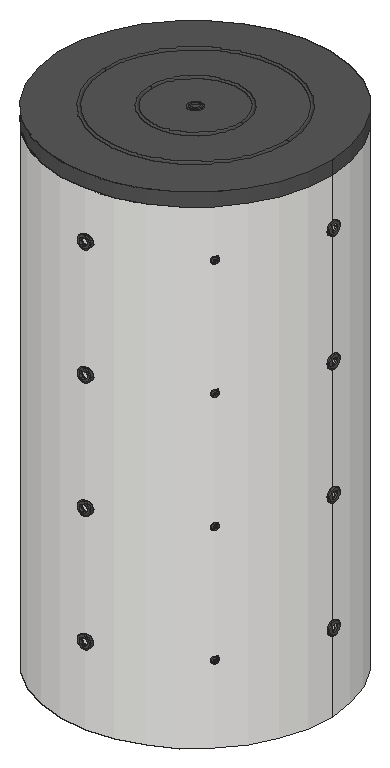
Revit family "S-tank_AT", category Оборудование, Revit 2019
Family settings
  Размер круглого соединителя = Использовать диаметр
  Классификация = Нет
  Тип детали = Нормальный
  На основе рабочей плоскости = Нет
  Всегда вертикально = Да
  При загрузке вырезать с полостями = Нет
  Общий = Нет
  Точка расчета площади = Нет
Parameters (values of type "AT5000")
  Разработка семейств = "https://rubim.tech/"
  Диаметр = 1630 mm
  shrf = 17.5 mm
  rd [instance] = Диаметр / 2  # 815 mm
  a = Диаметр / 6  # 271.667 mm
  H = 2965 mm
  DN2 = 15 mm
  DN1 = 40 mm
  D = 2605 mm
  C = 1895 mm
  B = 1185 mm
  ADSK_Примечание [instance] = ""
  ADSK_Позиция [instance] = ""
  ADSK_Обозначение = "AT5000"
  ADSK_Наименование краткое [instance] = "БE"
  ADSK_Наименование = "Буферная емкость"
  ADSK_Масса_Текст [instance] = ""
  ADSK_Масса = 615
  ADSK_Марка = "AT 5000"
  ADSK_Количество [instance] = 1  # constant formula
  ADSK_Код изделия = "1.0009"
  ADSK_Завод-изготовитель = "ООО “С-ТЭНК ВОТЕР ХИТЕРС”"
  ADSK_Единица измерения = "шт."  # constant formula
  ADSK_Группирование = "Оборудование"
  ADSK_URL документации изделия = "http://s-tank.ru/hfwt/"
  A = 475 mm
Types (9, lengths in mm): name | Диаметр | rd | a | H | D | C | B | ADSK_Обозначение | ADSK_Масса | ADSK_Марка | ADSK_Код изделия | A
  AT300 | 630 | 315 | 105 | 1600 | 1340 | 970 | 600 | "AT 300" | 65 | "AT 300" | "1.0001" | 230
  AT500 | 780 | 390 | 130 | 1605 | 1335 | 965 | 595 | "AT500" | 87 | "AT 500" | "1.0002" | 225
  AT750 | 920 | 460 | 153.333 | 1630 | 1325 | 955 | 585 | "AT750" | 103 | "AT 750" | "1.0003" | 215
  AT1000 | 920 | 460 | 153.333 | 2205 | 1915 | 1345 | 775 | "AT1000" | 131 | "AT 1000" | "1.0004" | 205
  AT1200 | 1070 | 535 | 178.333 | 2080 | 1655 | 1195 | 735 | "AT1200" | 174 | "AT 1200" | "1.0005" | 275
  AT1500 | 1070 | 535 | 178.333 | 2370 | 2000 | 1425 | 850 | "AT1500" | 200 | "AT 1500" | "1.0006" | 275
  AT2000 | 1350 | 675 | 225 | 2100 | 1740 | 1280 | 820 | "AT2000" | 246 | "AT 2000" | "1.0007" | 360
  AT3000 | 1630 | 815 | 271.667 | 2315 | 1855 | 1395 | 935 | "AT3000" | 450 | "AT 3000" | "1.0008" | 475
  AT5000 | 1630 | 815 | 271.667 | 2965 | 2605 | 1895 | 1185 | "AT5000" | 615 | "AT 5000" | "1.0009" | 475
Reference planes
  plane 1 "По центру (Вперед/Назад)": y = 0
  plane 2: z = 0
  plane 3 "По центру (Влево/Вправо)": x = 0
  plane 4: z = 475
  plane 5: z = 1185
  plane 6: z = 1895
  plane 7: z = 2605
  plane 8: z = 2965
  plane 9: x = 815
  plane 10: x = -815
  plane 11: x = 271.667
  plane 12: x = 543.333
  plane 13: y = -815
  plane 14: y = 815
  plane 15: through (1103.792, -48.792, 1200) normal (0.7071, -0.7071, 0)
  plane 16: through (815, 815, 1200) normal (0.7071, -0.7071, 0)
  plane 17 "1": through (-815, 815, 1200) normal (0.7071, 0.7071, 0)
Forms (mm)
  Extrusion 1, solid, material "RB_Серая порошковая"
    sketch origin (0, 0, 0) x (1, 0, 0) y (0, 1, 0)
      loop
        circle (0, 0) r 815
    from 0 to 2885
  Extrusion 2, solid, material "RB_Черный пластик"
    sketch origin (0, 0, 0) x (1, 0, 0) y (0, 1, 0)
      loop
        circle (0, 0) r 815
    from 2885 to 2965
  Revolve 3, solid, material "RB_Черный пластик"
    sketch origin (0, 0, 0) x (1, 0, 0) y (0, 0, 1)
      loop
        line (264.167, 2965) -> (279.167, 2965)
        arc (279.167, 2965) -> (271.667, 2972.5) -> (264.167, 2965) r 7.5
      loop
        line (535.833, 2965) -> (550.833, 2965)
        arc (550.833, 2965) -> (543.333, 2972.5) -> (535.833, 2965) r 7.5
      axis (0, 2965) -> (0, 2966)
    angle from 0 to 360
  Extrusion 4, solid, material "Пластик синий", not visible
    sketch origin (-10, 0, 0) x (1, 0, 0) y (0, 0, 1)
      loop
        arc (-214.477, 2447.343) -> (-231.977, 2440.094) -> (-239.226, 2422.594) r 24.749
        line (-239.226, 2422.594) -> (-239.226, 2312.833)
        arc (-239.226, 2312.833) -> (-231.977, 2295.333) -> (-214.477, 2288.085) r 24.749
        line (-214.477, 2288.085) -> (236.536, 2288.085)
        arc (236.536, 2288.085) -> (254.036, 2295.333) -> (261.285, 2312.833) r 24.749
        line (261.285, 2312.833) -> (261.285, 2420.032)
        arc (261.285, 2420.032) -> (253.285, 2439.344) -> (233.974, 2447.343) r 27.311
        line (233.974, 2447.343) -> (-214.477, 2447.343)
      loop
        arc (-214.477, 2439.053) -> (-226.115, 2434.232) -> (-230.936, 2422.594) r 16.459
        line (-230.936, 2422.594) -> (-230.936, 2331.316) -> (252.994, 2331.316) -> (252.994, 2420.032)
        arc (252.994, 2420.032) -> (247.423, 2433.482) -> (233.974, 2439.053) r 19.021
        line (233.974, 2439.053) -> (-214.477, 2439.053)
      loop
        line (-115.968, 2397.309) -> (-115.968, 2379.809) -> (-65.968, 2379.809) -> (-65.968, 2397.309) -> (-115.968, 2397.309)
      loop
        line (-35.422, 2407.249) -> (-35.422, 2351.314) -> (-17.922, 2351.314) -> (-17.922, 2407.249) -> (3.349, 2407.249) -> (10.977, 2424.749) -> (-55.778, 2424.749) -> (-55.778, 2407.249) -> (-35.422, 2407.249)
      loop
        line (-4.413, 2351.314) -> (16.363, 2351.314) -> (21.205, 2358.883) -> (45.502, 2358.883) -> (45.502, 2351.314) -> (63.002, 2351.314) -> (63.002, 2377.816) -> (33.319, 2377.816) -> (45.396, 2396.692) -> (45.396, 2384.046) -> (62.896, 2384.046) -> (62.896, 2407.227)
        arc (62.896, 2407.227) -> (56.009, 2420.523) -> (41.176, 2422.567) r 16.277
        line (41.176, 2422.567) -> (-4.413, 2351.314)
      loop
        line (86.328, 2400.911) -> (116.793, 2357.872)
        arc (116.793, 2357.872) -> (128.592, 2352.604) -> (138.978, 2360.291) r 12.812
        line (138.978, 2360.291) -> (138.978, 2425.291) -> (121.478, 2425.291) -> (121.478, 2377.488) -> (92.799, 2417.763)
        arc (92.799, 2417.763) -> (79.669, 2423.404) -> (68.828, 2414.092) r 13.5
        line (68.828, 2414.092) -> (68.828, 2351.314) -> (86.328, 2351.314) -> (86.328, 2400.911)
      loop
        line (148.978, 2425.291) -> (148.978, 2351.314) -> (166.478, 2351.314) -> (166.478, 2387.9) -> (192.095, 2351.314) -> (210.407, 2351.314) -> (181.682, 2392.337) -> (202.618, 2425.291) -> (184.847, 2425.291) -> (166.478, 2396.377) -> (166.478, 2425.291) -> (148.978, 2425.291)
    from 759.938 to 875
  Extrusion 5, solid, material "Пластик красный", not visible
    sketch origin (-10, 0, 0) x (1, 0, 0) y (0, 0, 1)
      loop
        line (-183.191, 2407.249) -> (-125.538, 2407.249)
        arc (-125.538, 2407.249) -> (-123.959, 2408.615) -> (-124.451, 2410.643) r 2.004
        line (-124.451, 2410.643) -> (-138.593, 2424.749) -> (-178.435, 2424.749)
        arc (-178.435, 2424.749) -> (-183.852, 2416.825) -> (-183.191, 2407.249) r 14.627
      loop
        line (-178.104, 2401.129) -> (-146.323, 2368.814) -> (-182.715, 2368.814)
        arc (-182.715, 2368.814) -> (-184.77, 2366.956) -> (-184.098, 2364.267) r 2.693
        line (-184.098, 2364.267) -> (-171.109, 2351.314) -> (-128.051, 2351.314)
        arc (-128.051, 2351.314) -> (-118.918, 2357.483) -> (-121.231, 2368.259) r 9.845
        line (-121.231, 2368.259) -> (-153.559, 2401.129) -> (-178.104, 2401.129)
    from -875 to 875
Lines and regions (mm)
  reference lines
    curve 1: line (0, -815, 51.978) -> (0, -815, -128.022)
    curve 2: line (815, 0, 51.978) -> (815, 0, -48.022)
    curve 3: line (576.292, -576.292, 51.978) -> (576.292, -576.292, -48.022)
Dimensions and locks
  "H": plane 8 to plane 2
  "D": plane 7 to plane 2
  "C": plane 6 to plane 2
  "B": plane 5 to plane 2
  "A": plane 4 to plane 2
  "Диаметр": plane 9 to plane 10
  equal spacing: plane 9, plane 3 "По центру (Влево/Вправо)", plane 10
  "a": plane 11 to plane 3 "По центру (Влево/Вправо)"
  "a": plane 12 to plane 11
  equal spacing: Revolve 3 sketch curve, plane 11, Revolve 3 sketch curve
  equal spacing: Revolve 3 sketch curve, plane 12, Revolve 3 sketch curve
  Revolve 3 sketch curve to Revolve 3 sketch curve = 15 mm  (x2)
  "shrf": Extrusion 4 sketch curve to Extrusion 4 sketch curve  (x11)
  Extrusion 4 sketch curve to Extrusion 4 sketch curve = 15 mm  (x2)
  "shrf": Extrusion 5 sketch curve to Extrusion 5 sketch curve  (x3)
  equal spacing: plane 14, plane 1 "По центру (Вперед/Назад)", plane 13
  "Диаметр": plane 14 to plane 13
  "rd": plane 15 to plane 16
  locked: Extrusion 2 to plane 8 at 80
  "Диаметр": diameter of Extrusion 1 sketch curve
  "Диаметр": diameter of Extrusion 2 sketch curve
  aligned and locked: level to plane 2
  aligned and locked: Extrusion 4 sketch curve to Extrusion 4 sketch curve  (x3)
  aligned and locked: Extrusion 4 to Extrusion 5 sketch curve
  aligned and locked: Extrusion 5 sketch curve to Extrusion 4
  aligned and locked: nested 5 to plane 1 "По центру (Вперед/Назад)"
  aligned and locked: plane 3 "По центру (Влево/Вправо)" to nested 3
  aligned and locked: plane 3 "По центру (Влево/Вправо)" to nested 4
  aligned and locked: plane 3 "По центру (Влево/Вправо)" to nested 1
  aligned and locked: plane 3 "По центру (Влево/Вправо)" to nested 2
  aligned and locked: plane 17 "1" to nested 9
  aligned and locked: curve 1 to nested 1
  aligned and locked: curve 1 to nested 2
  aligned and locked: curve 1 to nested 3
  aligned and locked: curve 1 to nested 4
  aligned and locked: curve 1 to plane 13
  aligned and locked: nested 1 to plane 7
  aligned and locked: nested 2 to plane 6
  aligned and locked: nested 3 to plane 5
  aligned and locked: nested 4 to plane 4
  aligned and locked: nested 6 to plane 4
  aligned and locked: nested 5 to plane 5
  aligned and locked: nested 8 to plane 6
  aligned and locked: nested 7 to plane 7
  aligned and locked: nested 10 to plane 4
  aligned and locked: nested 9 to plane 5
  aligned and locked: nested 11 to plane 6
  aligned and locked: nested 12 to plane 7
  aligned and locked: curve 2 to nested 7
  aligned and locked: curve 2 to nested 8
  aligned and locked: curve 2 to nested 5
  aligned and locked: curve 2 to nested 6
  aligned and locked: curve 2 to plane 9
  aligned and locked: curve 3 to nested 12
  aligned and locked: curve 3 to nested 11
  aligned and locked: curve 3 to nested 9
  aligned and locked: curve 3 to nested 10
  aligned and locked: curve 3 to plane 15
  aligned and locked: nested 13 to plane 1 "По центру (Вперед/Назад)"
  aligned and locked: nested 13 to plane 8
  aligned and locked: Extrusion 2 to plane 8
  aligned and locked: Extrusion 1 to Extrusion 2
Automatic sketch dimensions
  Extrusion 4 sketch curve to Extrusion 4 sketch curve = 0 mm  (x12)
  Extrusion 4 sketch curve to Extrusion 4 sketch curve = 8.29 mm
  Extrusion 4 sketch curve to Extrusion 4 sketch curve = 16.459 mm  (x3)
  Extrusion 4 sketch curve to Extrusion 4 sketch curve = 98.509 mm
  Extrusion 4 sketch curve to Extrusion 4 sketch curve = 50 mm
  Extrusion 4 sketch curve to Extrusion 4 sketch curve = 10.19 mm
  Extrusion 4 sketch curve to Extrusion 4 sketch curve = 20.356 mm
  Extrusion 4 sketch curve to Extrusion 4 sketch curve = 13.509 mm
  Extrusion 4 sketch curve to Extrusion 4 sketch curve = 4.843 mm
  Extrusion 4 sketch curve to Extrusion 4 sketch curve = 12.113 mm
  Extrusion 4 sketch curve to Extrusion 4 sketch curve = 30.199 mm
  Extrusion 4 sketch curve to Extrusion 4 sketch curve = 12.078 mm
  Extrusion 4 sketch curve to Extrusion 4 sketch curve = 12.183 mm
  Extrusion 4 sketch curve to Extrusion 4 sketch curve = 1.223 mm
  Extrusion 4 sketch curve to Extrusion 4 sketch curve = 5.932 mm
  Extrusion 4 sketch curve to Extrusion 4 sketch curve = 4.616 mm
  Extrusion 4 sketch curve to Extrusion 4 sketch curve = 11.087 mm
  Extrusion 4 sketch curve to Extrusion 4 sketch curve = 30.465 mm
  Extrusion 4 sketch curve to Extrusion 4 sketch curve = 4.684 mm
  Extrusion 4 sketch curve to Extrusion 4 sketch curve = 11.775 mm
  Extrusion 4 sketch curve to Extrusion 4 sketch curve = 10 mm
  Extrusion 4 sketch curve to Extrusion 4 sketch curve = 15.205 mm
  Extrusion 4 sketch curve to Extrusion 4 sketch curve = 18.369 mm
  Extrusion 4 sketch curve to Extrusion 4 sketch curve = 25.618 mm
  Extrusion 4 sketch curve to Extrusion 4 sketch curve = 17.771 mm
  Extrusion 4 sketch curve to Extrusion 4 sketch curve = 18.312 mm
  Extrusion 4 sketch curve to Extrusion 4 sketch curve = 31.356 mm
  Extrusion 4 sketch curve to Extrusion 4 sketch curve = 18.483 mm
  Extrusion 4 sketch curve to Extrusion 4 sketch curve = 38.481 mm
  Extrusion 4 sketch curve to Extrusion 4 sketch curve = 6.557 mm
  Extrusion 4 sketch curve to Extrusion 4 sketch curve = 8.977 mm
  Extrusion 4 sketch curve to Extrusion 4 sketch curve = 12.148 mm
  Extrusion 4 sketch curve to Extrusion 4 sketch curve = 28.495 mm
  Extrusion 4 sketch curve to Extrusion 4 sketch curve = 12.647 mm
  Extrusion 4 sketch curve to Extrusion 4 sketch curve = 6.316 mm
  Extrusion 4 sketch curve to Extrusion 4 sketch curve = 15.318 mm
  Extrusion 4 sketch curve to Extrusion 4 sketch curve = 9.148 mm
  Extrusion 4 sketch curve to Extrusion 4 sketch curve = 6.865 mm
  Extrusion 4 sketch curve to Extrusion 4 sketch curve = 5.259 mm
  Extrusion 4 sketch curve to Extrusion 4 sketch curve = 28.915 mm
  Extrusion 5 sketch curve to Extrusion 5 sketch curve = 0.908 mm
  Extrusion 5 sketch curve to Extrusion 5 sketch curve = 1.383 mm
  Extrusion 5 sketch curve to Extrusion 5 sketch curve = 1.904 mm
  Extrusion 5 sketch curve to Extrusion 5 sketch curve = 4.756 mm
  Extrusion 5 sketch curve to Extrusion 5 sketch curve = 5.086 mm
  Extrusion 5 sketch curve to Extrusion 5 sketch curve = 12.989 mm
  Extrusion 5 sketch curve to Extrusion 5 sketch curve = 8.698 mm
  Extrusion 5 sketch curve to Extrusion 5 sketch curve = 16.177 mm
  Extrusion 5 sketch curve to Extrusion 5 sketch curve = 24.787 mm
  Extrusion 5 sketch curve to Extrusion 5 sketch curve = 14.966 mm
  Extrusion 5 sketch curve to Extrusion 5 sketch curve = 18.272 mm
  Extrusion 5 sketch curve to Extrusion 5 sketch curve = 12.725 mm
  Extrusion 5 sketch curve to Extrusion 5 sketch curve = 0.33 mm
  Extrusion 5 sketch curve to Extrusion 5 sketch curve = 1.417 mm
  Extrusion 5 sketch curve to Extrusion 5 sketch curve = 6.82 mm
  Extrusion 5 sketch curve to Extrusion 5 sketch curve = 4.547 mm
  Extrusion 5 sketch curve to Extrusion 5 sketch curve = 1.977 mm
  Extrusion 4 sketch curve to Extrusion 4 sketch curve = 21.271 mm
  Extrusion 4 sketch curve to Extrusion 4 sketch curve = 7.628 mm
  Extrusion 4 sketch curve to Extrusion 4 sketch curve = 20.775 mm
  Extrusion 4 sketch curve to Extrusion 4 sketch curve = 26.129 mm
  Revolve 3 sketch curve to plane 3 "По центру (Влево/Вправо)" = 0 mm
  Revolve 3 sketch curve to plane 8 = 0 mm  (x2)
  Revolve 3 sketch curve to plane 8 = 100 mm
  Revolve 3 sketch curve to Revolve 3 sketch curve = 220 mm
  curve 2 to level = 48.022 mm
  level to curve 2 = 51.978 mm
  curve 3 to level = 48.022 mm
  level to curve 3 = 51.978 mm
  curve 1 to level = 128.022 mm
  level to curve 1 = 51.978 mm
  plane 1 "По центру (Вперед/Назад)" to Extrusion 1 sketch curve = 0 mm
  Extrusion 1 sketch curve to plane 3 "По центру (Влево/Вправо)" = 0 mm
  plane 1 "По центру (Вперед/Назад)" to Extrusion 2 sketch curve = 0 mm
  Extrusion 2 sketch curve to plane 3 "По центру (Влево/Вправо)" = 0 mm
Nested families
  nested 1: "патрубок" at (0, -815, 2605), DN <- "DN1", type "патрубок"
    with ВР no, L2 15 mm, L1 30 mm, Dv 50 mm, Dtv 44 mm, Dt 48 mm, Dn 80 mm, DN 40 mm
  nested 2: "патрубок" at (0, -815, 1895), DN <- "DN1", type "патрубок"
    with ВР no, L2 15 mm, L1 30 mm, Dv 50 mm, Dtv 44 mm, Dt 48 mm, Dn 80 mm, DN 40 mm
  nested 3: "патрубок" at (0, -815, 1185), DN <- "DN1", type "патрубок"
    with ВР no, L2 15 mm, L1 30 mm, Dv 50 mm, Dtv 44 mm, Dt 48 mm, Dn 80 mm, DN 40 mm
  nested 4: "патрубок" at (0, -815, 475), DN <- "DN1", type "патрубок"
    with ВР no, L2 15 mm, L1 30 mm, Dv 50 mm, Dtv 44 mm, Dt 48 mm, Dn 80 mm, DN 40 mm
  nested 5: "патрубок" at (815, 0, 1185) x (0, 1, 0) z (0, 0, 1), DN <- "DN1", type "патрубок"
    with ВР no, L2 15 mm, L1 30 mm, Dv 50 mm, Dtv 44 mm, Dt 48 mm, Dn 80 mm, DN 40 mm
  nested 6: "патрубок" at (815, 0, 475) x (0, 1, 0) z (0, 0, 1), DN <- "DN1", type "патрубок"
    with ВР no, L2 15 mm, L1 30 mm, Dv 50 mm, Dtv 44 mm, Dt 48 mm, Dn 80 mm, DN 40 mm
  nested 7: "патрубок" at (815, 0, 2605) x (0, 1, 0) z (0, 0, 1), DN <- "DN1", type "патрубок"
    with ВР no, L2 15 mm, L1 30 mm, Dv 50 mm, Dtv 44 mm, Dt 48 mm, Dn 80 mm, DN 40 mm
  nested 8: "патрубок" at (815, 0, 1895) x (0, 1, 0) z (0, 0, 1), DN <- "DN1", type "патрубок"
    with ВР no, L2 15 mm, L1 30 mm, Dv 50 mm, Dtv 44 mm, Dt 48 mm, Dn 80 mm, DN 40 mm
  nested 9: "патрубок" at (576.292, -576.292, 1185) x (0.7071, 0.7071, 0) z (0, 0, 1), DN <- "DN2", type "патрубок"
    with ВР no, L2 15 mm, L1 30 mm, Dv 23.3 mm, Dtv 17.3 mm, Dt 21.3 mm, Dn 37.28 mm, DN 15 mm
  nested 10: "патрубок" at (576.292, -576.292, 475) x (0.7071, 0.7071, 0) z (0, 0, 1), DN <- "DN2", type "патрубок"
    with ВР no, L2 15 mm, L1 30 mm, Dv 23.3 mm, Dtv 17.3 mm, Dt 21.3 mm, Dn 37.28 mm, DN 15 mm
  nested 11: "патрубок" at (576.292, -576.292, 1895) x (0.7071, 0.7071, 0) z (0, 0, 1), DN <- "DN2", type "патрубок"
    with ВР no, L2 15 mm, L1 30 mm, Dv 23.3 mm, Dtv 17.3 mm, Dt 21.3 mm, Dn 37.28 mm, DN 15 mm
  nested 12: "патрубок" at (576.292, -576.292, 2605) x (0.7071, 0.7071, 0) z (0, 0, 1), DN <- "DN2", type "патрубок"
    with ВР no, L2 15 mm, L1 30 mm, Dv 23.3 mm, Dtv 17.3 mm, Dt 21.3 mm, Dn 37.28 mm, DN 15 mm
  nested 13: "патрубок" at (0, 0, 2954.119) x (1, 0, 0) z (0, 1, 0), type "патрубок"
    with ВР no, L2 15 mm, L1 30 mm, Dv 50 mm, Dtv 44 mm, Dt 48 mm, Dn 80 mm, DN 40 mm
Connectors
  piping at (0, -815, 2605), diameter 40, driven by "DN1"
    settings: on nested 1, index 9, connector inside diameter 609.6 mm, connector length 0 mm, flow factor 0, pipe flow 0.0 L/s, pressure drop 0.0 Pa, fitting loss kfactor 0, connector angle 0.00°, fixture units 0, engagement length 0 mm, angle of deflection 0.00°, flow configuration 0, flow direction 0, fitting loss method 0, system type 7, joint type 0, gender type 0, connector reference index -1, connector utility 0, adjustable connector no, is connector primary yes, connector description ""
  piping at (0, -815, 1895), diameter 40, driven by "DN1"
    settings: on nested 2, index 10, connector inside diameter 609.6 mm, connector length 0 mm, flow factor 0, pipe flow 0.0 L/s, pressure drop 0.0 Pa, fitting loss kfactor 0, connector angle 0.00°, fixture units 0, engagement length 0 mm, angle of deflection 0.00°, flow configuration 0, flow direction 0, fitting loss method 0, system type 7, joint type 0, gender type 0, connector reference index -1, connector utility 0, adjustable connector no, is connector primary no, connector description ""
  piping at (0, -815, 1185), diameter 40, driven by "DN1"
    settings: on nested 3, index 11, connector inside diameter 609.6 mm, connector length 0 mm, flow factor 0, pipe flow 0.0 L/s, pressure drop 0.0 Pa, fitting loss kfactor 0, connector angle 0.00°, fixture units 0, engagement length 0 mm, angle of deflection 0.00°, flow configuration 0, flow direction 0, fitting loss method 0, system type 8, joint type 0, gender type 0, connector reference index -1, connector utility 0, adjustable connector no, is connector primary no, connector description ""
  piping at (0, -815, 475), diameter 40, driven by "DN1"
    settings: on nested 4, index 12, connector inside diameter 609.6 mm, connector length 0 mm, flow factor 0, pipe flow 0.0 L/s, pressure drop 0.0 Pa, fitting loss kfactor 0, connector angle 0.00°, fixture units 0, engagement length 0 mm, angle of deflection 0.00°, flow configuration 0, flow direction 0, fitting loss method 0, system type 8, joint type 0, gender type 0, connector reference index -1, connector utility 0, adjustable connector no, is connector primary no, connector description ""
  piping at (815, 0, 2605), diameter 40, driven by "DN1"
    settings: on nested 7, index 13, connector inside diameter 609.6 mm, connector length 0 mm, flow factor 0, pipe flow 0.0 L/s, pressure drop 0.0 Pa, fitting loss kfactor 0, connector angle 0.00°, fixture units 0, engagement length 0 mm, angle of deflection 0.00°, flow configuration 0, flow direction 0, fitting loss method 0, system type 7, joint type 0, gender type 0, connector reference index -1, connector utility 0, adjustable connector no, is connector primary no, connector description ""
  piping at (815, 0, 1895), diameter 40, driven by "DN1"
    settings: on nested 8, index 14, connector inside diameter 609.6 mm, connector length 0 mm, flow factor 0, pipe flow 0.0 L/s, pressure drop 0.0 Pa, fitting loss kfactor 0, connector angle 0.00°, fixture units 0, engagement length 0 mm, angle of deflection 0.00°, flow configuration 0, flow direction 0, fitting loss method 0, system type 7, joint type 0, gender type 0, connector reference index -1, connector utility 0, adjustable connector no, is connector primary no, connector description ""
  piping at (815, 0, 1185), diameter 40, driven by "DN1"
    settings: on nested 5, index 15, connector inside diameter 609.6 mm, connector length 0 mm, flow factor 0, pipe flow 0.0 L/s, pressure drop 0.0 Pa, fitting loss kfactor 0, connector angle 0.00°, fixture units 0, engagement length 0 mm, angle of deflection 0.00°, flow configuration 0, flow direction 0, fitting loss method 0, system type 8, joint type 0, gender type 0, connector reference index -1, connector utility 0, adjustable connector no, is connector primary no, connector description ""
  piping at (815, 0, 475), diameter 40, driven by "DN1"
    settings: on nested 6, index 16, connector inside diameter 609.6 mm, connector length 0 mm, flow factor 0, pipe flow 0.0 L/s, pressure drop 0.0 Pa, fitting loss kfactor 0, connector angle 0.00°, fixture units 0, engagement length 0 mm, angle of deflection 0.00°, flow configuration 0, flow direction 0, fitting loss method 0, system type 8, joint type 0, gender type 0, connector reference index -1, connector utility 0, adjustable connector no, is connector primary no, connector description ""
  piping at (576.292, -576.292, 2605), diameter 50
    settings: on nested 12, index 17, connector inside diameter 609.6 mm, connector length 0 mm, flow factor 0, pipe flow 0.0 L/s, pressure drop 0.0 Pa, fitting loss kfactor 0, connector angle 0.00°, fixture units 0, engagement length 0 mm, angle of deflection 0.00°, flow configuration 0, flow direction 0, fitting loss method 0, system type 29, joint type 0, gender type 0, connector reference index -1, connector utility 0, adjustable connector no, is connector primary no, connector description ""
  piping at (576.292, -576.292, 1895), diameter 50
    settings: on nested 11, index 18, connector inside diameter 609.6 mm, connector length 0 mm, flow factor 0, pipe flow 0.0 L/s, pressure drop 0.0 Pa, fitting loss kfactor 0, connector angle 0.00°, fixture units 0, engagement length 0 mm, angle of deflection 0.00°, flow configuration 0, flow direction 0, fitting loss method 0, system type 29, joint type 0, gender type 0, connector reference index -1, connector utility 0, adjustable connector no, is connector primary no, connector description ""
  piping at (576.292, -576.292, 1185), diameter 50
    settings: on nested 9, index 19, connector inside diameter 609.6 mm, connector length 0 mm, flow factor 0, pipe flow 0.0 L/s, pressure drop 0.0 Pa, fitting loss kfactor 0, connector angle 0.00°, fixture units 0, engagement length 0 mm, angle of deflection 0.00°, flow configuration 0, flow direction 0, fitting loss method 0, system type 29, joint type 0, gender type 0, connector reference index -1, connector utility 0, adjustable connector no, is connector primary no, connector description ""
  piping at (576.292, -576.292, 475), diameter 50
    settings: on nested 10, index 20, connector inside diameter 609.6 mm, connector length 0 mm, flow factor 0, pipe flow 0.0 L/s, pressure drop 0.0 Pa, fitting loss kfactor 0, connector angle 0.00°, fixture units 0, engagement length 0 mm, angle of deflection 0.00°, flow configuration 0, flow direction 0, fitting loss method 0, system type 29, joint type 0, gender type 0, connector reference index -1, connector utility 0, adjustable connector no, is connector primary no, connector description ""
  piping at (0, 0, 2954.119), diameter 40, driven by "DN1"
    settings: on nested 13, index 21, connector inside diameter 609.6 mm, connector length 0 mm, flow factor 0, pipe flow 0.0 L/s, pressure drop 0.0 Pa, fitting loss kfactor 0, connector angle 0.00°, fixture units 0, engagement length 0 mm, angle of deflection 0.00°, flow configuration 0, flow direction 0, fitting loss method 0, system type 7, joint type 0, gender type 0, connector reference index -1, connector utility 0, adjustable connector no, is connector primary no, connector description ""
Definition of nested family "патрубок"
  Parameters (values of type "патрубок")
    ВР [instance] = yes
    L2 [instance] = if(ВР, L1 + 20 mm, L1 - 15 mm)  # 50 mm
    L1 [instance] = 30 mm
    Dv [instance] = Dt + 2 mm  # 50 mm
    Dtv [instance] = Dt - 4 mm  # 44 mm
    Dt [instance] = if(DN = 15 mm, 21.3 mm, if(DN = 20 mm, 26.8 mm, if(DN = 25 mm, 33.5 mm, if(DN = 32 mm, 42.3 mm, if(DN = 40 mm, 48 mm, if(DN = 50 mm, 60 mm, 15 mm))))))  # 48 mm
    Dn [instance] = Dv * 1.6  # 80 mm
    DN [instance] = 40 mm
    2 = none
    1 = none
  Reference planes
    plane 1 "По центру (Вперед/Назад)": y = 0
    plane 2: z = 0
    plane 3 "По центру (Влево/Вправо)": x = 0
  Forms (mm)
    Extrusion 1, solid, material <- "1"
      sketch origin (0, 0, 0) x (1, 0, 0) y (0, 0, 1)
        loop
          circle (0, 0) r 40
        loop
          circle (0, 0) r 25
      from -15 to 15
    Extrusion 2, solid, material <- "2"
      sketch origin (0, 0, 0) x (1, 0, 0) y (0, 0, 1)
        loop
          circle (0, 0) r 24
        loop
          circle (0, 0) r 22
      from -15 to 35
    Sweep 3, void
      path in 3D
        loop
          arc (40, -15, 0) -> (0, -15, -40) -> (-40, -15, 0) r 40
          arc (-40, -15, 0) -> (0, -15, 40) -> (40, -15, 0) r 40
      profile origin (0, -15, 40) x (0, 0, 1) y (0, -1, 0)
        loop
          line (0, -4.119) -> (0, 0) -> (-4.119, 0) -> (0, -4.119)
  Cuts and joins
    Sweep 3 cuts Extrusion 1
  Lines and regions (mm)
    sketch lines
      curve 1: arc (-40, -15, 0) -> (0, -15, 40) -> (40, -15, 0) r 40
      curve 2: arc (40, -15, 0) -> (0, -15, -40) -> (-40, -15, 0) r 40
  Dimensions and locks
    "L1": Extrusion 1 to Extrusion 1
    equal spacing: Extrusion 1, plane 1 "По центру (Вперед/Назад)", Extrusion 1
    "L2": Extrusion 1 to Extrusion 2
    "Dn": diameter of Extrusion 1 sketch curve
    "Dv": diameter of Extrusion 1 sketch curve
    "Dt": diameter of Extrusion 2 sketch curve
    "Dtv": diameter of Extrusion 2 sketch curve
    locked: profile plane to Sweep 3 sketch curve (angle 45.00°)
    aligned and locked: level to plane 2
    aligned and locked: Extrusion 1 to Extrusion 2
    aligned and locked: Sweep 3 sketch curve to profile plane
    aligned and locked: profile plane to Sweep 3 sketch curve
  Automatic sketch dimensions
    profile plane to Sweep 3 sketch curve = 4.119 mm
    Extrusion 1 sketch curve to Extrusion 1 sketch curve = 0 mm  (x2)
    Extrusion 1 sketch curve to level = 0 mm
    Extrusion 1 sketch curve to plane 3 "По центру (Влево/Вправо)" = 0 mm
    Extrusion 2 sketch curve to Extrusion 2 sketch curve = 0 mm  (x2)
    Extrusion 2 sketch curve to level = 0 mm
    Extrusion 2 sketch curve to plane 3 "По центру (Влево/Вправо)" = 0 mm
